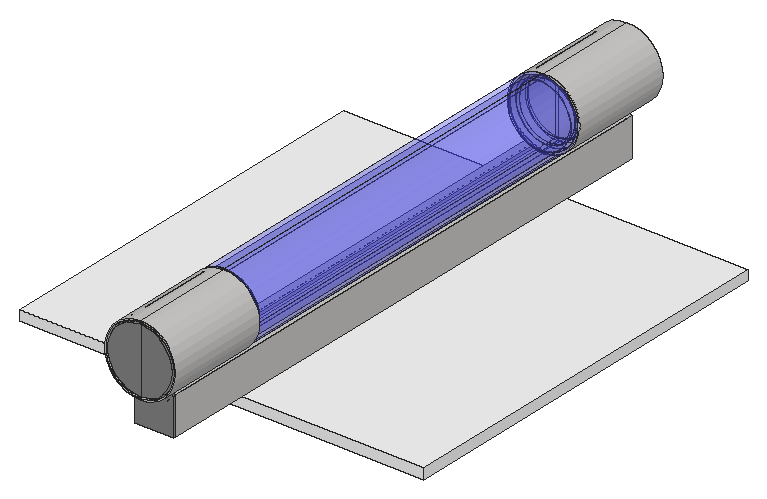
Revit family "BE_23253.2_de_DE", category Leuchten, Revit 2020
Family settings
  Basisbauteil = Fläche
  Bemaßung runder Anschluss = Durchmesser verwenden
  Teiletyp = Normal
  Beim Laden mit Abzugskörper schneiden = Ja
  Lichtquelle = Ja
  Gemeinsam genutzt = Nein
  Raumberechnungspunkt = Ja
Parameters (values of type "BEGA_23253.2_K3")
  built-in parameter 1150104 = 11.613 (stored number, unit not read)
  Wattage = 13 W
  Default Elevation = 0 mm
  built-in parameter 1150113 = 1 (stored number, unit not read)
  built-in parameter 1114218 = 1 (stored number, unit not read)
  Umgebungstemperatur = "25 °C"
  URL = "http://www.bega.de/de/produkt/23253.2"
  Typenkommentare = "© 2022 BEGA. Wir behalten uns das Recht vor, technische Änderungen ohne vorherige Ankündigung vorzunehmen."  # constant formula
  built-in parameter 1150134 = 12
  built-in parameter 1150109 = 1 (stored number, unit not read)
  Strom = ""
  built-in parameter 1150110 = 1 (stored number, unit not read)
  Spannung = 239.996 V
  Sonderanfertigung = no
  Seriennummer [instance] = "Hier können Sie die eindeutige Seriennummer für das Facility Management eintragen."
  Schutzklasse = "I"
  Schutzart = "IP 44"
  Scheinlast = 0 VA
  Produktdatenblatt = "http://www.bega.de/download/Xrfa/db/23253.2.db.de.pdf"
  Oberflächentemperatur = ""
  Neigungswinkel = 0.00°
  Model = "23253.2K4"
  Material_17 = BEGA_Reflektor
  Material_15 = BEGA_Leuchtmedium_matt
  Material_11 = BEGA_Glas_opal
  Material_09 = BEGA_Glas_klar
  Material_06 = BEGA_Oberfläche_Edelstahl_gebürstet
  Material_05 = BEGA_Oberfläche_Aluminium Guss
  Material_04 = BEGA_Kunststoff_Grafit_matt
  Material_03 = BEGA_Oberfläche_Weiss_matt
  Material_02 = BEGA_Oberfläche_Silber_matt
  Material_01 [instance] = BEGA_Oberfläche_Grafit_matt
  M_W = no
  M_G = no
  M_A = no
  Logo = 0
  built-in parameter 1114217 = 1 (stored number, unit not read)
  built-in parameter 1150139 = (empty or 0)
  built-in parameter 1150105 = 129.31 (stored number, unit not read)
  built-in parameter 1150114 = 1 (stored number, unit not read)
  Lumens = 1625 lm
  built-in parameter 1150115 = 1 (stored number, unit not read)
  Leuchtenlichtstrom = "1337 lm"
  Leuchtenanzahl = ""
  Lebensdauerkriterien = "L70B50 @ 25 °C = 481000 h"
  Lastklassifizierung = Beleuchtung
  built-in parameter 1150112 = 1 (stored number, unit not read)
  Lampenlichtstrom = "1760 lm"
  Lamp = "LED 10.7 W"
  LED_Modulbezeichnung = "LED-0424/940   LED-0425/940"
  Hersteller = "BEGA"  # constant formula
  Halbstreuwinkel = ""
  Gewicht = "1.8 kg"
  Gebrauchslageneinschränkung [instance] = ""
  Frequenz = "0/50-60 Hz"
  Farbwiedergabeindex = "CRI > 90"
  Farbtemperaturverschiebung bei Dämpfen der Lampe = <Keine Auswahl>
  Farbtemperatur = "4000 K"
  Color Filter = 16777215
  built-in parameter 1150133 = 10 (stored number, unit not read)
  Energieeffizienzklasse = "LED A++ - A"
  built-in parameter 1150137 = (empty or 0)
  built-in parameter 1150132 = (empty or 0)
  ENEC = ""
  Dimmbar [instance] = ""
  Photometric Web File = "BE_23253.2K4.IES"
  CE_Konformität = "ja"
  Bestellnummer = "23253.2K4"
  Beschreibung_Sonderanfertigung = "Hier können Sie Informationen zur Sonderanfertigung eintragen."
  Beschreibung = "Wandleuchte"
  built-in parameter 1150106 = 1.2931 (stored number, unit not read)
  Befestigungsbohrung = "Ø 6 mm"
  Befestigungsabstand = "365 mm"
  Ballwurfsicher = ""
  BEGA_Intern_aus = yes
  BEGA_Intern_an = yes
  BEGA_Intern_Konstruktion = yes
  BEGA_Intern = yes
  BEGA_IES = yes
  BEGA_Dummy = no
  Anschlussleitung = ""
  Anschlussleistung [instance] = "13 W"
  Anschlusskasten = ""
  built-in parameter 1150107 = 4000 (stored number, unit not read)
  built-in parameter 1150102 = (empty or 0)
  built-in parameter 1150138 = (empty or 0)
  Aktualisierung = "2019-07-05T04:00:16"
  Abstand_zur_angestrahlten_Fläche [instance] = ""
  AC/DC = "AC/DC"
Reference planes
  plane 1 "Mitte (Vorne/Hinten)": y = 0
  plane 2: z = 0
  plane 3 "Mitte (Links/Rechts)": x = 0
  plane 4 "Links": x = -35
  plane 5 "Rechts": x = 35
  plane 6 "Unten": y = -301
  plane 7 "Oben": y = 301
  plane 8 "Vorne": z = 104.517
  plane 9 "Hinten": z = 0
Forms (mm)
  Extrusion 1, solid, material "BEGA_Platte_Weiss"
    sketch origin (0, -1119.2, 0) x (1, 0, 0) y (0, 1, 0)
      loop
        line (-200, 1319.2) -> (-200, 919.2) -> (200, 919.2) -> (200, 1319.2) -> (-200, 1319.2)
    from 0 to -10
  Extrusion 2, solid, material "BEGA_Dummy_matt", visible <- "BEGA_Dummy"
    sketch origin (80.095, -76.023, 0) x (1, 0, 0) y (0, 1, 0)
      loop
        line (-115.095, 377.023) -> (-115.095, -224.977) -> (-45.095, -224.977) -> (-45.095, 377.023) -> (-115.095, 377.023)
    from 0 to 104.517
Dimensions and locks
  plane 1 "Mitte (Vorne/Hinten)" to Extrusion 1 = 200 mm
  aligned and locked: plane 2 to Extrusion 1
  aligned and locked: level to Extrusion 1
Nested families
  nested 1: "BE_23253.2" at (0, 0, 0) x (0, 1, 0) z (0, 0, 1), type "BE_23253.2"
Connectors
  electrical at (0, 0, 0), driven by "Lastklassifizierung", driven by "Spannung", driven by "Scheinlast"
    settings: index 1, voltage 239.996 V, apparent load 0 VA, apparent load phase1 0 VA, apparent load phase2 0 VA, apparent load phase3 0 VA, power factor 1, load classification "Beleuchtung", number of poles 1, system type 31, power factor state 1, is connector primary yes, connector utility no, sub classification motor no, connector description ""
Definition of nested family "BE_23253.2"
  Parameters (values of type "BE_23253.2")
    Default Elevation = 1 mm
    URL = "http://www.bega.de/de/produkt"
    Type Comments = "© 2015 BEGA. Wir behalten uns das Recht vor, technische Änderungen ohne vorherige Ankündigung vorzunehmen. "  # constant formula
    Type Image = (empty or 0)
    Neigungswinkel_um_Z2 = 0.00°
    Neigungswinkel_um_Z1 = 0.00°
    Neigungswinkel_um_Y2 = 0.00°
    Neigungswinkel_um_Y1 = 0.00°
    Neigungswinkel_um_X2 = 0.00°
    Neigungswinkel_um_X1 = 0.00°
    Material_17 = none
    Material_15 = none
    Material_11 = none
    Material_09 = none
    Material_06 = none
    Material_05 = none
    Material_04 = none
    Material_03 = none
    Material_02 = none
    Material_01 = none
    M_W = yes
    M_G = yes
    M_A = yes
    Länge_Platte = 700 mm  # constant formula
    Höhe_Platte = -10 mm  # constant formula
    Manufacturer = "BEGA"  # constant formula
    Drehwinkel_um_Z2 = 0.00°
    Drehwinkel_um_Z1 = 0.00°
    Breite_Platte = 200 mm  # constant formula
  Reference planes
    plane 1 "Mitte (Oben/Unten)": y = 0
    plane 2: z = 0
    plane 3 "Mitte (Links/Rechts)": x = 0
    plane 4: y = 35
    plane 5: y = -35
    plane 6: z = 104.517
    plane 7: x = -301
    plane 8: x = 301
    plane 9: z = 104.517
  Forms (mm)
    Extrusion 1, solid, detail levels medium
      sketch origin (0, 0, 0) x (1, 0, 0) y (0, 1, 0)
        loop
          line (-350, 100) -> (-350, -100) -> (350, -100) -> (350, 100) -> (-350, 100)
      from 0 to -10 <- "Höhe_Platte"
    Extrusion 2, solid, material <- "Material_06", detail levels medium+fine
      sketch origin (0, 0, 0) x (0, 1, 0) y (0, 0, 1)
        loop
          line (-20, 37.5) -> (-20, 0) -> (-15.75, 0) -> (-15.75, 6.5) -> (-16.8, 6.5)
          arc (-16.8, 6.5) -> (-17.507, 6.793) -> (-17.8, 7.5) r 1
          line (-17.8, 7.5) -> (-17.8, 32.29)
          arc (-17.8, 32.29) -> (-16.811, 33.7) -> (-15.148, 33.251) r 1.5
          line (-15.148, 33.251) -> (-11.917, 29.4) -> (11.917, 29.4) -> (15.148, 33.251)
          arc (15.148, 33.251) -> (16.811, 33.7) -> (17.8, 32.29) r 1.5
          line (17.8, 32.29) -> (17.8, 7.5)
          arc (17.8, 7.5) -> (17.507, 6.793) -> (16.8, 6.5) r 1
          line (16.8, 6.5) -> (15.75, 6.5) -> (15.75, 0) -> (20, 0) -> (20, 37.5) -> (18, 39.5)
          arc (18, 39.5) -> (15.101, 37.578) -> (12, 36.005) r 30
          line (12, 36.005) -> (12, 33.9)
          arc (12, 33.9) -> (11.561, 32.839) -> (10.5, 32.4) r 1.5
          line (10.5, 32.4) -> (-10.5, 32.4)
          arc (-10.5, 32.4) -> (-11.561, 32.839) -> (-12, 33.9) r 1.5
          line (-12, 33.9) -> (-12, 36.005)
          arc (-12, 36.005) -> (-15.101, 37.578) -> (-18, 39.5) r 30
          line (-18, 39.5) -> (-20, 37.5)
      from -281.945 to 281
    Extrusion 3, solid, material <- "Material_06", detail levels medium+fine
      sketch origin (0, 0, 0) x (1, 0, 0) y (0, 0, 1)
        loop
          line (173, 4.3) -> (173, 1) -> (192.993, 1) -> (192.993, 4.3) -> (173, 4.3)
        loop
          line (-191.993, 4.3) -> (-191.993, 1) -> (-172, 1) -> (-172, 4.3) -> (-191.993, 4.3)
      from -17.577 to 17.577
    Extrusion 4, solid, material <- "Material_04", detail levels medium+fine
      sketch origin (0, 0, 0) x (0, 1, 0) y (0, 0, 1)
        loop
          line (-18.99, 0.01) -> (18.99, 0.01) -> (19, 36.578) -> (17.542, 38.036)
          arc (17.542, 38.036) -> (0, 32.49) -> (-17.542, 38.036) r 30.51
          line (-17.542, 38.036) -> (-18.99, 36.588) -> (-18.99, 0.01)
      from 281 to 282.5
    Extrusion 5, solid, material <- "Material_04", detail levels medium+fine
      sketch origin (0, 0, 0) x (0, 1, 0) y (0, 0, -1)
        loop
          line (-18.99, -0.01) -> (-18.99, -36.588) -> (-17.542, -38.036)
          arc (-17.542, -38.036) -> (0, -32.49) -> (17.542, -38.036) r 30.51
          line (17.542, -38.036) -> (19, -36.578) -> (18.99, -0.01) -> (-18.99, -0.01)
      from 281.945 to 283.5
    Extrusion 6, void
      sketch origin (0, 0, 0) x (1, 0, 0) y (0, 1, 0)
        loop
          arc (180, 3) -> (177, 0) -> (180, -3) r 3
          line (180, -3) -> (186, -3)
          arc (186, -3) -> (188.116, -2.127) -> (189, -0.016) r 3
          arc (189, -0.016) -> (188.116, 2.127) -> (186, 3) r 3
          line (186, 3) -> (180, 3)
        loop
          arc (-179, 3) -> (-182, 6) -> (-185, 3) r 3
          line (-185, 3) -> (-185, -3)
          arc (-185, -3) -> (-184.128, -5.114) -> (-181.985, -6) r 3
          arc (-181.985, -6) -> (-179.873, -5.116) -> (-179, -3) r 3
          line (-179, -3) -> (-179, 3)
      from 0 to 6.5
    Revolve 7, void
      sketch origin (-251, 0, 0) x (0, 1, 0) y (0, 0, 1)
        loop
          line (-6, 32.4) -> (-6, 29.4) -> (0, 29.4) -> (0, 32.4) -> (-6, 32.4)
        axis (0, 32.4) -> (0, 29.4)
      angle from 0 to 360
    Revolve 8, solid, material <- "Material_06", detail levels medium+fine
      sketch origin (0, 0, 0) x (1, 0, 0) y (0, 0, 1)
        loop
          line (-301, 103.267) -> (-298.43, 103.267) -> (-297.66, 102.822) -> (-286, 102.517) -> (-198, 102.517) -> (-198, 104.517) -> (-301, 104.517) -> (-301, 103.267)
        loop
          line (301, 103.267) -> (301, 104.517) -> (198, 104.517) -> (198, 102.517) -> (286, 102.517) -> (297.66, 102.822) -> (298.43, 103.267) -> (301, 103.267)
        axis (-301, 69.517) -> (301, 69.517)
      angle from 0 to 360
    Revolve 9, solid, material <- "Material_04", detail levels medium+fine
      sketch origin (0, 0, 0) x (1, 0, 0) y (0, 0, 1)
        loop
          line (-301, 101.517) -> (-301, 69.517) -> (-295, 69.517) -> (-295, 100.067) -> (-286, 100.381) -> (-286, 103.017) -> (-298, 103.017) -> (-298, 101.517) -> (-301, 101.517)
        loop
          line (301, 101.517) -> (298, 101.517) -> (298, 103.017) -> (286, 103.017) -> (286, 100.381) -> (295, 100.067) -> (295, 69.517) -> (301, 69.517) -> (301, 101.517)
        axis (-301, 69.517) -> (301, 69.517)
      angle from 0 to 360
    Revolve 10, solid, material <- "Material_11", detail levels medium+fine
      sketch origin (0, 0, 0) x (1, 0, 0) y (0, 0, 1)
        loop
          line (-203.5, 98.517) -> (-199.415, 98.517)
          arc (-199.415, 98.517) -> (-195.122, 97.721) -> (-191.993, 100.767) r 4.75
          line (-191.993, 100.767) -> (192.993, 100.767)
          arc (192.993, 100.767) -> (196.122, 97.721) -> (200.415, 98.517) r 4.75
          line (200.415, 98.517) -> (204.336, 98.517) -> (212.75, 97.781) -> (212.75, 69.517) -> (216.5, 69.517) -> (216.5, 99.388)
          arc (216.5, 99.388) -> (215.976, 100.734) -> (214.684, 101.376) r 2
          line (214.684, 101.376) -> (204.5, 102.267) -> (196.5, 102.36) -> (196.5, 104.517) -> (-196.5, 104.517) -> (-196.5, 102.267) -> (-203.5, 102.267) -> (-203.5, 98.517)
        axis (-203.5, 69.517) -> (216.5, 69.517)
      angle from 0 to 360
    Revolve 11, void
      sketch origin (0, 0, 0) x (1, 0, 0) y (0, 0, 1)
        loop
          line (298.3, 79.117) -> (298.3, 69.517) -> (301.213, 69.517) -> (301.213, 79.295) -> (298.3, 79.117)
        axis (298.3, 69.517) -> (301.213, 69.517)
      angle from 0 to 360
    Revolve 12, solid, material <- "Material_06", detail levels fine
      sketch origin (0, 0, 0) x (1, 0, 0) y (0, 0, 1)
        loop
          line (298.3, 79.017) -> (298.3, 69.517) -> (300.8, 69.517) -> (300.8, 79.017) -> (298.3, 79.017)
        axis (298.3, 69.517) -> (300.8, 69.517)
      angle from 0 to 360
  Cuts and joins
    joined: Extrusion 4, Extrusion 5
    Revolve 7 cuts Extrusion 2
    Extrusion 6 cuts Extrusion 3
    joined: Extrusion 2, Extrusion 3
    Revolve 11 cuts Revolve 9
  Dimensions and locks
    equal spacing: Extrusion 1 sketch curve, plane 3 "Mitte (Links/Rechts)", Extrusion 1 sketch curve
    equal spacing: Extrusion 1 sketch curve, plane 1 "Mitte (Oben/Unten)", Extrusion 1 sketch curve
    "Länge_Platte": Extrusion 1 sketch curve to Extrusion 1 sketch curve
    "Breite_Platte": Extrusion 1 sketch curve to Extrusion 1 sketch curve
    aligned and locked: Extrusion 1 to plane 2
    aligned and locked: level to Extrusion 1
  Automatic sketch dimensions
    Extrusion 2 sketch curve to Extrusion 2 sketch curve = 0 mm  (x2)
    Extrusion 2 sketch curve to level = 0 mm  (x2)
    Extrusion 2 sketch curve to plane 1 "Mitte (Oben/Unten)" = 0 mm
    plane 1 "Mitte (Oben/Unten)" to Extrusion 2 sketch curve = 10.5 mm
    Extrusion 2 sketch curve to Extrusion 2 sketch curve = 1.417 mm  (x2)
    Extrusion 2 sketch curve to Extrusion 2 sketch curve = 1.5 mm  (x3)
    Extrusion 2 sketch curve to Extrusion 2 sketch curve = 3.148 mm  (x2)
    plane 1 "Mitte (Oben/Unten)" to Extrusion 2 sketch curve = 15.75 mm
    Extrusion 2 sketch curve to Extrusion 2 sketch curve = 1.152 mm  (x2)
    Extrusion 2 sketch curve to Extrusion 2 sketch curve = 1.05 mm  (x2)
    Extrusion 2 sketch curve to Extrusion 2 sketch curve = 1 mm
    Extrusion 2 sketch curve to Extrusion 2 sketch curve = 2.852 mm  (x2)
    Extrusion 2 sketch curve to Extrusion 2 sketch curve = 2 mm  (x2)
    Extrusion 2 sketch curve to plane 1 "Mitte (Oben/Unten)" = 10.5 mm
    level to Extrusion 2 sketch curve = 6.5 mm  (x2)
    Extrusion 2 sketch curve to plane 1 "Mitte (Oben/Unten)" = 15.75 mm
    Extrusion 2 sketch curve to Extrusion 2 sketch curve = 4.25 mm
    Extrusion 2 sketch curve to Extrusion 2 sketch curve = 21.9 mm
    Extrusion 2 sketch curve to Extrusion 2 sketch curve = 2.89 mm  (x2)
    Extrusion 2 sketch curve to Extrusion 2 sketch curve = 3 mm
    Extrusion 2 sketch curve to Extrusion 2 sketch curve = 2.105 mm  (x2)
    Extrusion 2 sketch curve to Extrusion 2 sketch curve = 5.21 mm  (x2)
    level to Extrusion 3 sketch curve = 1 mm  (x2)
    Extrusion 3 sketch curve to Extrusion 3 sketch curve = 19.993 mm  (x2)
    level to Extrusion 3 sketch curve = 4.3 mm
    Extrusion 3 sketch curve to Extrusion 3 sketch curve = 3.3 mm
    Extrusion 4 sketch curve to plane 1 "Mitte (Oben/Unten)" = 0 mm
    Extrusion 4 sketch curve to plane 5 = 17.458 mm
    level to Extrusion 4 sketch curve = 0.01 mm
    Extrusion 4 sketch curve to plane 5 = 16.01 mm
    Extrusion 4 sketch curve to plane 4 = 17.458 mm
    Extrusion 4 sketch curve to plane 4 = 16.01 mm
    Extrusion 4 sketch curve to Extrusion 4 sketch curve = 1.458 mm  (x2)
    Extrusion 4 sketch curve to Extrusion 4 sketch curve = 36.567 mm
    Extrusion 4 sketch curve to Extrusion 4 sketch curve = 36.578 mm
    Extrusion 5 sketch curve to plane 1 "Mitte (Oben/Unten)" = 0 mm
    Extrusion 5 sketch curve to plane 5 = 17.458 mm
    level to Extrusion 5 sketch curve = 0.01 mm
    Extrusion 5 sketch curve to plane 5 = 16.01 mm
    Extrusion 5 sketch curve to plane 4 = 17.458 mm
    Extrusion 5 sketch curve to plane 4 = 16.01 mm
    Extrusion 5 sketch curve to Extrusion 5 sketch curve = 1.458 mm
    Extrusion 5 sketch curve to Extrusion 5 sketch curve = 36.567 mm
    Extrusion 5 sketch curve to Extrusion 5 sketch curve = 36.578 mm
    Extrusion 5 sketch curve to Extrusion 5 sketch curve = 1.448 mm
    Extrusion 6 sketch curve to Extrusion 6 sketch curve = 0 mm  (x5)
    plane 1 "Mitte (Oben/Unten)" to Extrusion 6 sketch curve = 0 mm  (x2)
    Extrusion 6 sketch curve to plane 1 "Mitte (Oben/Unten)" = 3 mm
    Extrusion 6 sketch curve to Extrusion 6 sketch curve = 3 mm  (x2)
    plane 1 "Mitte (Oben/Unten)" to Extrusion 6 sketch curve = 3 mm  (x2)
    Extrusion 6 sketch curve to Extrusion 6 sketch curve = 6 mm
    Extrusion 6 sketch curve to Extrusion 6 sketch curve = 0.02 mm
    Extrusion 6 sketch curve to Extrusion 6 sketch curve = 0.035 mm
    Extrusion 6 sketch curve to plane 1 "Mitte (Oben/Unten)" = 0.016 mm
    plane 1 "Mitte (Oben/Unten)" to Extrusion 6 sketch curve = 0.016 mm
    Revolve 7 sketch curve to plane 1 "Mitte (Oben/Unten)" = 0 mm  (x2)
    Revolve 7 sketch curve to Revolve 7 sketch curve = 6 mm
    level to Revolve 7 sketch curve = 29.4 mm
    Revolve 7 sketch curve to Revolve 7 sketch curve = 3 mm
    Revolve 7 sketch curve to Revolve 7 sketch curve = 4.732 mm
    Revolve 7 sketch curve to Revolve 7 sketch curve = 0 mm
    Extrusion 4 sketch curve to Extrusion 4 sketch curve = 24.964 mm
    Extrusion 5 sketch curve to Extrusion 5 sketch curve = 24.964 mm
    Revolve 8 sketch curve to Revolve 8 sketch curve = 2.57 mm
    Revolve 8 sketch curve to Revolve 8 sketch curve = 0.77 mm  (x2)
    Revolve 8 sketch curve to Revolve 8 sketch curve = 11.66 mm
    Revolve 8 sketch curve to Revolve 8 sketch curve = 88 mm
    level to Revolve 8 sketch curve = 102.517 mm  (x2)
    Revolve 8 sketch curve to Revolve 8 sketch curve = 0.305 mm  (x2)
    Revolve 8 sketch curve to Revolve 8 sketch curve = 0.445 mm  (x2)
    Revolve 8 sketch curve to Revolve 8 sketch curve = 2 mm  (x2)
    Revolve 8 sketch curve to Revolve 8 sketch curve = 27.869 mm
    Revolve 8 sketch curve to Revolve 8 sketch curve = 33 mm
    Revolve 9 sketch curve to Revolve 9 sketch curve = 3 mm
    Revolve 9 sketch curve to Revolve 9 sketch curve = 6 mm  (x2)
    Revolve 9 sketch curve to Revolve 9 sketch curve = 9 mm  (x2)
    level to Revolve 9 sketch curve = 69.517 mm  (x2)
    Revolve 9 sketch curve to Revolve 9 sketch curve = 30.55 mm  (x2)
    Revolve 9 sketch curve to Revolve 9 sketch curve = 0.314 mm  (x2)
    Revolve 9 sketch curve to Revolve 9 sketch curve = 1.45 mm  (x2)
    Revolve 9 sketch curve to Revolve 9 sketch curve = 1.5 mm  (x2)
    Revolve 9 sketch curve to Revolve 9 sketch curve = 4 mm
    Revolve 9 sketch curve to Revolve 9 sketch curve = 0 mm
    level to Revolve 12 sketch curve = 69.517 mm
    Revolve 12 sketch curve to Revolve 12 sketch curve = 9.5 mm
    Revolve 12 sketch curve to Revolve 12 sketch curve = 0 mm  (x2)
    Revolve 10 sketch curve to plane 6 = 0 mm
    plane 6 to Revolve 10 sketch curve = 2.25 mm  (x2)
    Revolve 10 sketch curve to Revolve 10 sketch curve = 4.085 mm
    Revolve 10 sketch curve to Revolve 10 sketch curve = 2.915 mm  (x2)
    Revolve 10 sketch curve to Revolve 10 sketch curve = 0 mm
    Revolve 10 sketch curve to Revolve 10 sketch curve = 4.507 mm
    plane 6 to Revolve 10 sketch curve = 3.75 mm
    plane 6 to Revolve 10 sketch curve = 2.157 mm
    Revolve 10 sketch curve to Revolve 10 sketch curve = 3.507 mm
    Revolve 10 sketch curve to Revolve 10 sketch curve = 1 mm
    Revolve 10 sketch curve to Revolve 10 sketch curve = 3.921 mm
    Revolve 10 sketch curve to Revolve 10 sketch curve = 0.164 mm
    Revolve 10 sketch curve to Revolve 10 sketch curve = 8.414 mm
    Revolve 10 sketch curve to Revolve 10 sketch curve = 1.75 mm
    plane 6 to Revolve 10 sketch curve = 3.141 mm
    Revolve 10 sketch curve to Revolve 10 sketch curve = 0.184 mm
    Revolve 10 sketch curve to Revolve 10 sketch curve = 3.75 mm  (x3)
    Revolve 10 sketch curve to Revolve 10 sketch curve = 1.988 mm
    Revolve 10 sketch curve to Revolve 10 sketch curve = 1.604 mm
    Revolve 10 sketch curve to Revolve 10 sketch curve = 28.264 mm
    Revolve 10 sketch curve to plane 3 "Mitte (Links/Rechts)" = 46.5 mm
    plane 3 "Mitte (Links/Rechts)" to Revolve 10 sketch curve = 23.5 mm
    plane 6 to Revolve 10 sketch curve = 35 mm
    Revolve 11 sketch curve to Revolve 11 sketch curve = 2.913 mm
    plane 6 to Revolve 11 sketch curve = 35 mm
    Revolve 11 sketch curve to Revolve 11 sketch curve = 9.6 mm
    Revolve 11 sketch curve to Revolve 11 sketch curve = 0.178 mm
    Revolve 11 sketch curve to Revolve 11 sketch curve = 0 mm  (x2)
    Revolve 11 sketch curve to Revolve 11 sketch curve = 0.462 mm
    plane 7 to Extrusion 3 sketch curve = 129 mm
    plane 7 to Extrusion 6 sketch curve = 122 mm
    Revolve 8 sketch curve to plane 7 = 0 mm
    Revolve 8 sketch curve to Revolve 8 sketch curve = 43.754 mm
    Revolve 9 sketch curve to plane 7 = 0 mm  (x2)
    plane 7 to Revolve 10 sketch curve = 109.007 mm
    plane 8 to Extrusion 3 sketch curve = 128 mm
    plane 8 to Extrusion 6 sketch curve = 121 mm
    Revolve 8 sketch curve to plane 8 = 0 mm
    plane 8 to Revolve 8 sketch curve = 103 mm
    plane 8 to Revolve 8 sketch curve = 15 mm
    plane 8 to Revolve 8 sketch curve = 3.34 mm
    plane 8 to Revolve 9 sketch curve = 0 mm
    plane 8 to Revolve 9 sketch curve = 3 mm
    plane 8 to Revolve 10 sketch curve = 108.007 mm
    plane 8 to Revolve 11 sketch curve = 2.7 mm
    plane 8 to Revolve 12 sketch curve = 2.7 mm
    plane 8 to Revolve 12 sketch curve = 0.2 mm
    Revolve 12 sketch curve to plane 8 = 0.342 mm
